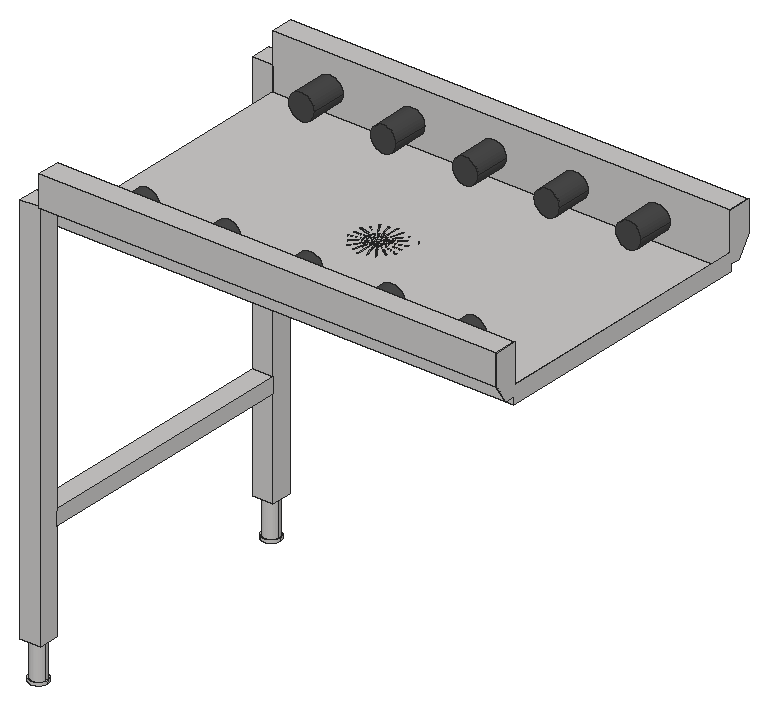
Revit family "QF_ELECTROLUXPROFESSIONAL_863141_HSSRC9", category Specialty Equipment, Revit 2018
Family settings
  Round Connector Dimension = Use Diameter
  Part Type = Normal
  Work Plane-Based = No
  Always vertical = Yes
  Cut with Voids When Loaded = No
  Shared = No
  Room Calculation Point = No
Parameters (values of type "QF_ELECTROLUX_863141_HSSRC9")
  Weight = 13.00 kg
  Watts = 0 W
  Volts = 0 V
  URL Manufacturer = "http://professional.electrolux.com"
  URL = "http://professional.electrolux.com"
  Steam Supply Size = 0 mm
  Steam Supply Minimum Pressure = 0.0 Pa
  Steam Supply Maximum Pressure = 0.0 Pa
  Steam Pounds per Hour = 0
  Refrigeration Suction Line Size = 0 mm
  Refrigeration Liquid Line Size = 0 mm
  Refrigerant Compressor Remote = yes
  Manufacturer = "Electrolux"
  Phase = 0
  Model = "HSSRC9"
  Length Actual = 900 mm  # constant formula
  Item Number = "863141"
  Hot Water Size = 0 mm
  Height Actual = 910 mm  # constant formula
  HP = "0 HP"
  Gas Size = 0 mm
  Gas KW = 0
  Gas Input Pressure = 0 W
  Description = "CONVEYOR, SHORT ROLLERS, 900 MM"
  Depth Actual = 620 mm  # constant formula
  Cycle = 0 Hz
  Condensate Return Size = 0 mm
  Compressed Air Volume = 0.0 L/s
  Compressed Air Size = 0 mm
  Compressed Air Pressure = 0.0 Pa
  Cold Water Size = 0 mm
  Accessory = yes
Values of the unnamed type that differ from the named types
  URL Manufacturer = ""
  Item Number = ""
  HP = ""
Reference planes
  plane 1 "Centro (Fronte/Retro)": y = 74.737
  plane 2: z = 0
  plane 3 "LEFT": x = -1038.761
  plane 4 "BACK": y = 384.737
  plane 5 "FRONT": y = -235.263
  plane 6: z = 910
  plane 7 "RIGHT": x = -138.761
  plane 8: x = -618.761
Forms (mm)
  Extrusion 1, solid, material "QF_Finishes_Stainless Steel"
    sketch origin (0, 74.737, 0) x (1, 0, 0) y (0, 0, 1)
      loop
        line (-1079.929, 300) -> (-1079.929, 270) -> (-1039.929, 270) -> (-1039.929, 300) -> (-1079.929, 300)
    from -266.504 to 266.46
  Extrusion 2, solid, material "QF_Finishes_Stainless Steel"
    sketch origin (111.239, 0, 0) x (0, 1, 0) y (0, 0, 1)
      loop
        line (-235.263, 910) -> (-235.263, 850.033) -> (-190.242, 850.033) -> (-190.242, 910) -> (-235.263, 910)
      loop
        line (384.737, 910) -> (339.716, 910) -> (339.716, 850.033) -> (384.737, 850.033) -> (384.737, 910)
    from -1151.168 to -251.2
  Extrusion 3, solid, material "QF_Finishes_Stainless Steel"
    sketch origin (111.239, 0, 0) x (0, 1, 0) y (0, 0, 1)
      loop
        line (-191.727, 850.033) -> (-191.727, 800.081) -> (341.245, 800.081) -> (341.245, 850.033) -> (339.716, 850.033) -> (339.716, 803.081) -> (-190.242, 803.081) -> (-190.242, 850.033) -> (-191.727, 850.033)
    from -1151.168 to -251.2
  Revolve 4, solid, material "QF_Finishes_Stainless Steel"
    sketch origin (-618.761, 0, 0) x (0, 1, 0) y (0, 0, 1)
      loop
        line (74.737, 800.081) -> (12.53, 800.081) -> (12.319, 797.4) -> (12.319, 785.476) -> (17.293, 785.476) -> (17.293, 781.772)
        arc (17.293, 781.772) -> (20.266, 773.808) -> (27.77, 769.813) r 11.998
        line (27.77, 769.813) -> (74.737, 764.085) -> (74.737, 800.081)
      axis (74.737, 764.085) -> (74.737, 800.081)
    angle from 0 to 360
  Revolve 5, solid, material "QF_Finishes_Stainless Steel"
    sketch origin (-588.761, -1524, 744.096) x (0, 0, 1) y (0, -1, 0)
      loop
        line (13.017, -1619.713) -> (30, -1619.713) -> (30, -1598.737) -> (0, -1598.737) -> (0, -1619.713) -> (2.434, -1622.253) -> (10.477, -1622.253) -> (13.017, -1619.713)
      axis (0, -1598.737) -> (30, -1598.737)
    angle from 0 to 360
  Extrusion 6, solid, material "QF_Finishes_Black"
    sketch origin (105, 74.737, 0) x (1, 0, 0) y (0, 0, -1)
      loop
        circle (-1028.137, -850.115) r 25
      loop
        circle (-867.137, -850.115) r 25
      loop
        circle (-706.137, -850.115) r 25
      loop
        circle (-545.137, -850.115) r 25
      loop
        circle (-384.137, -850.115) r 25
    from 190.58 to 260.534
  Extrusion 7, void
    sketch origin (-620.285, 74.899, -57.5) x (1, 0, 0) y (0, 1, 0)
      loop
        arc (-0.452, 24.162) -> (-1.193, 23.855) -> (-1.5, 23.114) r 1.048
        line (-1.5, 23.114) -> (-1.5, 10.174)
        arc (-1.5, 10.174) -> (-1.204, 9.458) -> (-0.488, 9.162) r 1.012
        line (-0.488, 9.162) -> (0.467, 9.162)
        arc (0.467, 9.162) -> (1.197, 9.465) -> (1.5, 10.196) r 1.033
        line (1.5, 10.196) -> (1.5, 23.164)
        arc (1.5, 23.164) -> (1.208, 23.87) -> (0.502, 24.162) r 0.998
        line (0.502, 24.162) -> (-0.452, 24.162)
      loop
        arc (-1.5, 28.981) -> (-1.204, 28.266) -> (-0.488, 27.97) r 1.012
        line (-0.488, 27.97) -> (0.467, 27.97)
        arc (0.467, 27.97) -> (1.197, 28.272) -> (1.5, 29.003) r 1.033
        line (1.5, 29.003) -> (1.5, 49.094)
        arc (1.5, 49.094) -> (1.208, 49.8) -> (0.502, 50.092) r 0.998
        line (0.502, 50.092) -> (-0.452, 50.092)
        arc (-0.452, 50.092) -> (-1.193, 49.785) -> (-1.5, 49.044) r 1.048
        line (-1.5, 49.044) -> (-1.5, 28.981)
    from 829.129 to 875
  Extrusion 8, void
    sketch origin (-620.285, 74.899, -57.5) x (0.809017, -0.587785, 0) y (0.587785, 0.809017, 0)
      loop
        arc (-0.452, 24.162) -> (-1.193, 23.855) -> (-1.5, 23.114) r 1.048
        line (-1.5, 23.114) -> (-1.5, 10.174)
        arc (-1.5, 10.174) -> (-1.204, 9.458) -> (-0.488, 9.162) r 1.012
        line (-0.488, 9.162) -> (0.467, 9.162)
        arc (0.467, 9.162) -> (1.197, 9.465) -> (1.5, 10.196) r 1.033
        line (1.5, 10.196) -> (1.5, 23.164)
        arc (1.5, 23.164) -> (1.208, 23.87) -> (0.502, 24.162) r 0.998
        line (0.502, 24.162) -> (-0.452, 24.162)
      loop
        arc (-1.5, 28.981) -> (-1.204, 28.266) -> (-0.488, 27.97) r 1.012
        line (-0.488, 27.97) -> (0.467, 27.97)
        arc (0.467, 27.97) -> (1.197, 28.272) -> (1.5, 29.003) r 1.033
        line (1.5, 29.003) -> (1.5, 49.094)
        arc (1.5, 49.094) -> (1.208, 49.8) -> (0.502, 50.092) r 0.998
        line (0.502, 50.092) -> (-0.452, 50.092)
        arc (-0.452, 50.092) -> (-1.193, 49.785) -> (-1.5, 49.044) r 1.048
        line (-1.5, 49.044) -> (-1.5, 28.981)
    from 829.129 to 875
  Extrusion 9, void
    sketch origin (-620.285, 74.899, -57.5) x (0.809017, 0.587785, 0) y (-0.587785, 0.809017, 0)
      loop
        arc (-0.452, 24.162) -> (-1.193, 23.855) -> (-1.5, 23.114) r 1.048
        line (-1.5, 23.114) -> (-1.5, 10.174)
        arc (-1.5, 10.174) -> (-1.204, 9.458) -> (-0.488, 9.162) r 1.012
        line (-0.488, 9.162) -> (0.467, 9.162)
        arc (0.467, 9.162) -> (1.197, 9.465) -> (1.5, 10.196) r 1.033
        line (1.5, 10.196) -> (1.5, 23.164)
        arc (1.5, 23.164) -> (1.208, 23.87) -> (0.502, 24.162) r 0.998
        line (0.502, 24.162) -> (-0.452, 24.162)
      loop
        arc (-1.5, 28.981) -> (-1.204, 28.266) -> (-0.488, 27.97) r 1.012
        line (-0.488, 27.97) -> (0.467, 27.97)
        arc (0.467, 27.97) -> (1.197, 28.272) -> (1.5, 29.003) r 1.033
        line (1.5, 29.003) -> (1.5, 49.094)
        arc (1.5, 49.094) -> (1.208, 49.8) -> (0.502, 50.092) r 0.998
        line (0.502, 50.092) -> (-0.452, 50.092)
        arc (-0.452, 50.092) -> (-1.193, 49.785) -> (-1.5, 49.044) r 1.048
        line (-1.5, 49.044) -> (-1.5, 28.981)
    from 829.129 to 875
  Extrusion 10, void
    sketch origin (-620.285, 74.899, -57.5) x (0.309017, 0.951057, 0) y (-0.951057, 0.309017, 0)
      loop
        arc (-0.452, 24.162) -> (-1.193, 23.855) -> (-1.5, 23.114) r 1.048
        line (-1.5, 23.114) -> (-1.5, 10.174)
        arc (-1.5, 10.174) -> (-1.204, 9.458) -> (-0.488, 9.162) r 1.012
        line (-0.488, 9.162) -> (0.467, 9.162)
        arc (0.467, 9.162) -> (1.197, 9.465) -> (1.5, 10.196) r 1.033
        line (1.5, 10.196) -> (1.5, 23.164)
        arc (1.5, 23.164) -> (1.208, 23.87) -> (0.502, 24.162) r 0.998
        line (0.502, 24.162) -> (-0.452, 24.162)
      loop
        arc (-1.5, 28.981) -> (-1.204, 28.266) -> (-0.488, 27.97) r 1.012
        line (-0.488, 27.97) -> (0.467, 27.97)
        arc (0.467, 27.97) -> (1.197, 28.272) -> (1.5, 29.003) r 1.033
        line (1.5, 29.003) -> (1.5, 49.094)
        arc (1.5, 49.094) -> (1.208, 49.8) -> (0.502, 50.092) r 0.998
        line (0.502, 50.092) -> (-0.452, 50.092)
        arc (-0.452, 50.092) -> (-1.193, 49.785) -> (-1.5, 49.044) r 1.048
        line (-1.5, 49.044) -> (-1.5, 28.981)
    from 829.129 to 875
  Extrusion 11, void
    sketch origin (-620.285, 74.899, -57.5) x (-0.309017, 0.951057, 0) y (-0.951057, -0.309017, 0)
      loop
        arc (-0.452, 24.162) -> (-1.193, 23.855) -> (-1.5, 23.114) r 1.048
        line (-1.5, 23.114) -> (-1.5, 10.174)
        arc (-1.5, 10.174) -> (-1.204, 9.458) -> (-0.488, 9.162) r 1.012
        line (-0.488, 9.162) -> (0.467, 9.162)
        arc (0.467, 9.162) -> (1.197, 9.465) -> (1.5, 10.196) r 1.033
        line (1.5, 10.196) -> (1.5, 23.164)
        arc (1.5, 23.164) -> (1.208, 23.87) -> (0.502, 24.162) r 0.998
        line (0.502, 24.162) -> (-0.452, 24.162)
      loop
        arc (-1.5, 28.981) -> (-1.204, 28.266) -> (-0.488, 27.97) r 1.012
        line (-0.488, 27.97) -> (0.467, 27.97)
        arc (0.467, 27.97) -> (1.197, 28.272) -> (1.5, 29.003) r 1.033
        line (1.5, 29.003) -> (1.5, 49.094)
        arc (1.5, 49.094) -> (1.208, 49.8) -> (0.502, 50.092) r 0.998
        line (0.502, 50.092) -> (-0.452, 50.092)
        arc (-0.452, 50.092) -> (-1.193, 49.785) -> (-1.5, 49.044) r 1.048
        line (-1.5, 49.044) -> (-1.5, 28.981)
    from 829.129 to 875
  Extrusion 12, void
    sketch origin (-620.285, 74.899, -57.5) x (-0.809017, 0.587785, 0) y (-0.587785, -0.809017, 0)
      loop
        arc (-0.452, 24.162) -> (-1.193, 23.855) -> (-1.5, 23.114) r 1.048
        line (-1.5, 23.114) -> (-1.5, 10.174)
        arc (-1.5, 10.174) -> (-1.204, 9.458) -> (-0.488, 9.162) r 1.012
        line (-0.488, 9.162) -> (0.467, 9.162)
        arc (0.467, 9.162) -> (1.197, 9.465) -> (1.5, 10.196) r 1.033
        line (1.5, 10.196) -> (1.5, 23.164)
        arc (1.5, 23.164) -> (1.208, 23.87) -> (0.502, 24.162) r 0.998
        line (0.502, 24.162) -> (-0.452, 24.162)
      loop
        arc (-1.5, 28.981) -> (-1.204, 28.266) -> (-0.488, 27.97) r 1.012
        line (-0.488, 27.97) -> (0.467, 27.97)
        arc (0.467, 27.97) -> (1.197, 28.272) -> (1.5, 29.003) r 1.033
        line (1.5, 29.003) -> (1.5, 49.094)
        arc (1.5, 49.094) -> (1.208, 49.8) -> (0.502, 50.092) r 0.998
        line (0.502, 50.092) -> (-0.452, 50.092)
        arc (-0.452, 50.092) -> (-1.193, 49.785) -> (-1.5, 49.044) r 1.048
        line (-1.5, 49.044) -> (-1.5, 28.981)
    from 829.129 to 875
  Extrusion 13, void
    sketch origin (-620.285, 74.899, -57.5) x (-1, 0, 0) y (0, -1, 0)
      loop
        arc (-0.452, 24.162) -> (-1.193, 23.855) -> (-1.5, 23.114) r 1.048
        line (-1.5, 23.114) -> (-1.5, 10.174)
        arc (-1.5, 10.174) -> (-1.204, 9.458) -> (-0.488, 9.162) r 1.012
        line (-0.488, 9.162) -> (0.467, 9.162)
        arc (0.467, 9.162) -> (1.197, 9.465) -> (1.5, 10.196) r 1.033
        line (1.5, 10.196) -> (1.5, 23.164)
        arc (1.5, 23.164) -> (1.208, 23.87) -> (0.502, 24.162) r 0.998
        line (0.502, 24.162) -> (-0.452, 24.162)
      loop
        arc (-1.5, 28.981) -> (-1.204, 28.266) -> (-0.488, 27.97) r 1.012
        line (-0.488, 27.97) -> (0.467, 27.97)
        arc (0.467, 27.97) -> (1.197, 28.272) -> (1.5, 29.003) r 1.033
        line (1.5, 29.003) -> (1.5, 49.094)
        arc (1.5, 49.094) -> (1.208, 49.8) -> (0.502, 50.092) r 0.998
        line (0.502, 50.092) -> (-0.452, 50.092)
        arc (-0.452, 50.092) -> (-1.193, 49.785) -> (-1.5, 49.044) r 1.048
        line (-1.5, 49.044) -> (-1.5, 28.981)
    from 829.129 to 875
  Extrusion 14, void
    sketch origin (-620.285, 74.899, -57.5) x (-0.809017, -0.587785, 0) y (0.587785, -0.809017, 0)
      loop
        arc (-0.452, 24.162) -> (-1.193, 23.855) -> (-1.5, 23.114) r 1.048
        line (-1.5, 23.114) -> (-1.5, 10.174)
        arc (-1.5, 10.174) -> (-1.204, 9.458) -> (-0.488, 9.162) r 1.012
        line (-0.488, 9.162) -> (0.467, 9.162)
        arc (0.467, 9.162) -> (1.197, 9.465) -> (1.5, 10.196) r 1.033
        line (1.5, 10.196) -> (1.5, 23.164)
        arc (1.5, 23.164) -> (1.208, 23.87) -> (0.502, 24.162) r 0.998
        line (0.502, 24.162) -> (-0.452, 24.162)
      loop
        arc (-1.5, 28.981) -> (-1.204, 28.266) -> (-0.488, 27.97) r 1.012
        line (-0.488, 27.97) -> (0.467, 27.97)
        arc (0.467, 27.97) -> (1.197, 28.272) -> (1.5, 29.003) r 1.033
        line (1.5, 29.003) -> (1.5, 49.094)
        arc (1.5, 49.094) -> (1.208, 49.8) -> (0.502, 50.092) r 0.998
        line (0.502, 50.092) -> (-0.452, 50.092)
        arc (-0.452, 50.092) -> (-1.193, 49.785) -> (-1.5, 49.044) r 1.048
        line (-1.5, 49.044) -> (-1.5, 28.981)
    from 829.129 to 875
  Extrusion 15, void
    sketch origin (-620.285, 74.899, -57.5) x (-0.309017, -0.951057, 0) y (0.951057, -0.309017, 0)
      loop
        arc (-0.452, 24.162) -> (-1.193, 23.855) -> (-1.5, 23.114) r 1.048
        line (-1.5, 23.114) -> (-1.5, 10.174)
        arc (-1.5, 10.174) -> (-1.204, 9.458) -> (-0.488, 9.162) r 1.012
        line (-0.488, 9.162) -> (0.467, 9.162)
        arc (0.467, 9.162) -> (1.197, 9.465) -> (1.5, 10.196) r 1.033
        line (1.5, 10.196) -> (1.5, 23.164)
        arc (1.5, 23.164) -> (1.208, 23.87) -> (0.502, 24.162) r 0.998
        line (0.502, 24.162) -> (-0.452, 24.162)
      loop
        arc (-1.5, 28.981) -> (-1.204, 28.266) -> (-0.488, 27.97) r 1.012
        line (-0.488, 27.97) -> (0.467, 27.97)
        arc (0.467, 27.97) -> (1.197, 28.272) -> (1.5, 29.003) r 1.033
        line (1.5, 29.003) -> (1.5, 49.094)
        arc (1.5, 49.094) -> (1.208, 49.8) -> (0.502, 50.092) r 0.998
        line (0.502, 50.092) -> (-0.452, 50.092)
        arc (-0.452, 50.092) -> (-1.193, 49.785) -> (-1.5, 49.044) r 1.048
        line (-1.5, 49.044) -> (-1.5, 28.981)
    from 829.129 to 875
  Extrusion 16, void
    sketch origin (-620.285, 74.899, -57.5) x (0.309017, -0.951057, 0) y (0.951057, 0.309017, 0)
      loop
        arc (-0.452, 24.162) -> (-1.193, 23.855) -> (-1.5, 23.114) r 1.048
        line (-1.5, 23.114) -> (-1.5, 10.174)
        arc (-1.5, 10.174) -> (-1.204, 9.458) -> (-0.488, 9.162) r 1.012
        line (-0.488, 9.162) -> (0.467, 9.162)
        arc (0.467, 9.162) -> (1.197, 9.465) -> (1.5, 10.196) r 1.033
        line (1.5, 10.196) -> (1.5, 23.164)
        arc (1.5, 23.164) -> (1.208, 23.87) -> (0.502, 24.162) r 0.998
        line (0.502, 24.162) -> (-0.452, 24.162)
      loop
        arc (-1.5, 28.981) -> (-1.204, 28.266) -> (-0.488, 27.97) r 1.012
        line (-0.488, 27.97) -> (0.467, 27.97)
        arc (0.467, 27.97) -> (1.197, 28.272) -> (1.5, 29.003) r 1.033
        line (1.5, 29.003) -> (1.5, 49.094)
        arc (1.5, 49.094) -> (1.208, 49.8) -> (0.502, 50.092) r 0.998
        line (0.502, 50.092) -> (-0.452, 50.092)
        arc (-0.452, 50.092) -> (-1.193, 49.785) -> (-1.5, 49.044) r 1.048
        line (-1.5, 49.044) -> (-1.5, 28.981)
    from 829.129 to 875
  Extrusion 17, void
    sketch origin (-990.285, 74.899, -57.5) x (1, 0, 0) y (0, 1, 0)
      loop
        circle (370, 0) r 5
    from 829.129 to 875
  Extrusion 18, void
    sketch origin (-620.285, 74.899, -57.5) x (1, 0, 0) y (0, 1, 0)
      loop
        arc (-24.168, 1.5) -> (-24.873, 1.208) -> (-25.165, 0.503) r 0.997
        line (-25.165, 0.503) -> (-25.165, -0.487)
        arc (-25.165, -0.487) -> (-24.868, -1.203) -> (-24.152, -1.5) r 1.013
        line (-24.152, -1.5) -> (-14.992, -1.5)
        arc (-14.992, -1.5) -> (-14.284, -1.207) -> (-13.992, -0.5) r 1
        line (-13.992, -0.5) -> (-13.992, 0.465)
        arc (-13.992, 0.465) -> (-14.295, 1.197) -> (-15.027, 1.5) r 1.035
        line (-15.027, 1.5) -> (-24.168, 1.5)
      loop
        arc (-45.428, 1.5) -> (-46.134, 1.208) -> (-46.426, 0.503) r 0.997
        line (-46.426, 0.503) -> (-46.426, -0.487)
        arc (-46.426, -0.487) -> (-46.129, -1.203) -> (-45.412, -1.5) r 1.013
        line (-45.412, -1.5) -> (-30.627, -1.5)
        arc (-30.627, -1.5) -> (-29.92, -1.207) -> (-29.627, -0.5) r 1
        line (-29.627, -0.5) -> (-29.627, 0.465)
        arc (-29.627, 0.465) -> (-29.93, 1.197) -> (-30.662, 1.5) r 1.035
        line (-30.662, 1.5) -> (-45.428, 1.5)
    from 829.129 to 875
  Extrusion 19, void
    sketch origin (-620.285, 74.899, -57.5) x (0.809017, -0.587785, 0) y (0.587785, 0.809017, 0)
      loop
        arc (-24.168, 1.5) -> (-24.873, 1.208) -> (-25.165, 0.503) r 0.997
        line (-25.165, 0.503) -> (-25.165, -0.487)
        arc (-25.165, -0.487) -> (-24.868, -1.203) -> (-24.152, -1.5) r 1.013
        line (-24.152, -1.5) -> (-14.992, -1.5)
        arc (-14.992, -1.5) -> (-14.284, -1.207) -> (-13.992, -0.5) r 1
        line (-13.992, -0.5) -> (-13.992, 0.465)
        arc (-13.992, 0.465) -> (-14.295, 1.197) -> (-15.027, 1.5) r 1.035
        line (-15.027, 1.5) -> (-24.168, 1.5)
      loop
        arc (-45.428, 1.5) -> (-46.134, 1.208) -> (-46.426, 0.503) r 0.997
        line (-46.426, 0.503) -> (-46.426, -0.487)
        arc (-46.426, -0.487) -> (-46.129, -1.203) -> (-45.412, -1.5) r 1.013
        line (-45.412, -1.5) -> (-30.627, -1.5)
        arc (-30.627, -1.5) -> (-29.92, -1.207) -> (-29.627, -0.5) r 1
        line (-29.627, -0.5) -> (-29.627, 0.465)
        arc (-29.627, 0.465) -> (-29.93, 1.197) -> (-30.662, 1.5) r 1.035
        line (-30.662, 1.5) -> (-45.428, 1.5)
    from 829.129 to 875
  Extrusion 20, void
    sketch origin (-620.285, 74.899, -57.5) x (0.809017, 0.587785, 0) y (-0.587785, 0.809017, 0)
      loop
        arc (-24.168, 1.5) -> (-24.873, 1.208) -> (-25.165, 0.503) r 0.997
        line (-25.165, 0.503) -> (-25.165, -0.487)
        arc (-25.165, -0.487) -> (-24.868, -1.203) -> (-24.152, -1.5) r 1.013
        line (-24.152, -1.5) -> (-14.992, -1.5)
        arc (-14.992, -1.5) -> (-14.284, -1.207) -> (-13.992, -0.5) r 1
        line (-13.992, -0.5) -> (-13.992, 0.465)
        arc (-13.992, 0.465) -> (-14.295, 1.197) -> (-15.027, 1.5) r 1.035
        line (-15.027, 1.5) -> (-24.168, 1.5)
      loop
        arc (-45.428, 1.5) -> (-46.134, 1.208) -> (-46.426, 0.503) r 0.997
        line (-46.426, 0.503) -> (-46.426, -0.487)
        arc (-46.426, -0.487) -> (-46.129, -1.203) -> (-45.412, -1.5) r 1.013
        line (-45.412, -1.5) -> (-30.627, -1.5)
        arc (-30.627, -1.5) -> (-29.92, -1.207) -> (-29.627, -0.5) r 1
        line (-29.627, -0.5) -> (-29.627, 0.465)
        arc (-29.627, 0.465) -> (-29.93, 1.197) -> (-30.662, 1.5) r 1.035
        line (-30.662, 1.5) -> (-45.428, 1.5)
    from 829.129 to 875
  Extrusion 21, void
    sketch origin (-620.285, 74.899, -57.5) x (0.309017, 0.951057, 0) y (-0.951057, 0.309017, 0)
      loop
        arc (-24.168, 1.5) -> (-24.873, 1.208) -> (-25.165, 0.503) r 0.997
        line (-25.165, 0.503) -> (-25.165, -0.487)
        arc (-25.165, -0.487) -> (-24.868, -1.203) -> (-24.152, -1.5) r 1.013
        line (-24.152, -1.5) -> (-14.992, -1.5)
        arc (-14.992, -1.5) -> (-14.284, -1.207) -> (-13.992, -0.5) r 1
        line (-13.992, -0.5) -> (-13.992, 0.465)
        arc (-13.992, 0.465) -> (-14.295, 1.197) -> (-15.027, 1.5) r 1.035
        line (-15.027, 1.5) -> (-24.168, 1.5)
      loop
        arc (-45.428, 1.5) -> (-46.134, 1.208) -> (-46.426, 0.503) r 0.997
        line (-46.426, 0.503) -> (-46.426, -0.487)
        arc (-46.426, -0.487) -> (-46.129, -1.203) -> (-45.412, -1.5) r 1.013
        line (-45.412, -1.5) -> (-30.627, -1.5)
        arc (-30.627, -1.5) -> (-29.92, -1.207) -> (-29.627, -0.5) r 1
        line (-29.627, -0.5) -> (-29.627, 0.465)
        arc (-29.627, 0.465) -> (-29.93, 1.197) -> (-30.662, 1.5) r 1.035
        line (-30.662, 1.5) -> (-45.428, 1.5)
    from 829.129 to 875
  Extrusion 22, void
    sketch origin (-620.285, 74.899, -57.5) x (-0.309017, 0.951057, 0) y (-0.951057, -0.309017, 0)
      loop
        arc (-24.168, 1.5) -> (-24.873, 1.208) -> (-25.165, 0.503) r 0.997
        line (-25.165, 0.503) -> (-25.165, -0.487)
        arc (-25.165, -0.487) -> (-24.868, -1.203) -> (-24.152, -1.5) r 1.013
        line (-24.152, -1.5) -> (-14.992, -1.5)
        arc (-14.992, -1.5) -> (-14.284, -1.207) -> (-13.992, -0.5) r 1
        line (-13.992, -0.5) -> (-13.992, 0.465)
        arc (-13.992, 0.465) -> (-14.295, 1.197) -> (-15.027, 1.5) r 1.035
        line (-15.027, 1.5) -> (-24.168, 1.5)
      loop
        arc (-45.428, 1.5) -> (-46.134, 1.208) -> (-46.426, 0.503) r 0.997
        line (-46.426, 0.503) -> (-46.426, -0.487)
        arc (-46.426, -0.487) -> (-46.129, -1.203) -> (-45.412, -1.5) r 1.013
        line (-45.412, -1.5) -> (-30.627, -1.5)
        arc (-30.627, -1.5) -> (-29.92, -1.207) -> (-29.627, -0.5) r 1
        line (-29.627, -0.5) -> (-29.627, 0.465)
        arc (-29.627, 0.465) -> (-29.93, 1.197) -> (-30.662, 1.5) r 1.035
        line (-30.662, 1.5) -> (-45.428, 1.5)
    from 829.129 to 875
  Extrusion 23, void
    sketch origin (-620.285, 74.899, -57.5) x (-0.809017, 0.587785, 0) y (-0.587785, -0.809017, 0)
      loop
        arc (-24.168, 1.5) -> (-24.873, 1.208) -> (-25.165, 0.503) r 0.997
        line (-25.165, 0.503) -> (-25.165, -0.487)
        arc (-25.165, -0.487) -> (-24.868, -1.203) -> (-24.152, -1.5) r 1.013
        line (-24.152, -1.5) -> (-14.992, -1.5)
        arc (-14.992, -1.5) -> (-14.284, -1.207) -> (-13.992, -0.5) r 1
        line (-13.992, -0.5) -> (-13.992, 0.465)
        arc (-13.992, 0.465) -> (-14.295, 1.197) -> (-15.027, 1.5) r 1.035
        line (-15.027, 1.5) -> (-24.168, 1.5)
      loop
        arc (-45.428, 1.5) -> (-46.134, 1.208) -> (-46.426, 0.503) r 0.997
        line (-46.426, 0.503) -> (-46.426, -0.487)
        arc (-46.426, -0.487) -> (-46.129, -1.203) -> (-45.412, -1.5) r 1.013
        line (-45.412, -1.5) -> (-30.627, -1.5)
        arc (-30.627, -1.5) -> (-29.92, -1.207) -> (-29.627, -0.5) r 1
        line (-29.627, -0.5) -> (-29.627, 0.465)
        arc (-29.627, 0.465) -> (-29.93, 1.197) -> (-30.662, 1.5) r 1.035
        line (-30.662, 1.5) -> (-45.428, 1.5)
    from 829.129 to 875
  Extrusion 24, void
    sketch origin (-620.285, 74.899, -57.5) x (-1, 0, 0) y (0, -1, 0)
      loop
        arc (-24.168, 1.5) -> (-24.873, 1.208) -> (-25.165, 0.503) r 0.997
        line (-25.165, 0.503) -> (-25.165, -0.487)
        arc (-25.165, -0.487) -> (-24.868, -1.203) -> (-24.152, -1.5) r 1.013
        line (-24.152, -1.5) -> (-14.992, -1.5)
        arc (-14.992, -1.5) -> (-14.284, -1.207) -> (-13.992, -0.5) r 1
        line (-13.992, -0.5) -> (-13.992, 0.465)
        arc (-13.992, 0.465) -> (-14.295, 1.197) -> (-15.027, 1.5) r 1.035
        line (-15.027, 1.5) -> (-24.168, 1.5)
      loop
        arc (-45.428, 1.5) -> (-46.134, 1.208) -> (-46.426, 0.503) r 0.997
        line (-46.426, 0.503) -> (-46.426, -0.487)
        arc (-46.426, -0.487) -> (-46.129, -1.203) -> (-45.412, -1.5) r 1.013
        line (-45.412, -1.5) -> (-30.627, -1.5)
        arc (-30.627, -1.5) -> (-29.92, -1.207) -> (-29.627, -0.5) r 1
        line (-29.627, -0.5) -> (-29.627, 0.465)
        arc (-29.627, 0.465) -> (-29.93, 1.197) -> (-30.662, 1.5) r 1.035
        line (-30.662, 1.5) -> (-45.428, 1.5)
    from 829.129 to 875
  Extrusion 25, void
    sketch origin (-620.285, 74.899, -57.5) x (-0.809017, -0.587785, 0) y (0.587785, -0.809017, 0)
      loop
        arc (-24.168, 1.5) -> (-24.873, 1.208) -> (-25.165, 0.503) r 0.997
        line (-25.165, 0.503) -> (-25.165, -0.487)
        arc (-25.165, -0.487) -> (-24.868, -1.203) -> (-24.152, -1.5) r 1.013
        line (-24.152, -1.5) -> (-14.992, -1.5)
        arc (-14.992, -1.5) -> (-14.284, -1.207) -> (-13.992, -0.5) r 1
        line (-13.992, -0.5) -> (-13.992, 0.465)
        arc (-13.992, 0.465) -> (-14.295, 1.197) -> (-15.027, 1.5) r 1.035
        line (-15.027, 1.5) -> (-24.168, 1.5)
      loop
        arc (-45.428, 1.5) -> (-46.134, 1.208) -> (-46.426, 0.503) r 0.997
        line (-46.426, 0.503) -> (-46.426, -0.487)
        arc (-46.426, -0.487) -> (-46.129, -1.203) -> (-45.412, -1.5) r 1.013
        line (-45.412, -1.5) -> (-30.627, -1.5)
        arc (-30.627, -1.5) -> (-29.92, -1.207) -> (-29.627, -0.5) r 1
        line (-29.627, -0.5) -> (-29.627, 0.465)
        arc (-29.627, 0.465) -> (-29.93, 1.197) -> (-30.662, 1.5) r 1.035
        line (-30.662, 1.5) -> (-45.428, 1.5)
    from 829.129 to 875
  Extrusion 26, void
    sketch origin (-620.285, 74.899, -57.5) x (-0.309017, -0.951057, 0) y (0.951057, -0.309017, 0)
      loop
        arc (-24.168, 1.5) -> (-24.873, 1.208) -> (-25.165, 0.503) r 0.997
        line (-25.165, 0.503) -> (-25.165, -0.487)
        arc (-25.165, -0.487) -> (-24.868, -1.203) -> (-24.152, -1.5) r 1.013
        line (-24.152, -1.5) -> (-14.992, -1.5)
        arc (-14.992, -1.5) -> (-14.284, -1.207) -> (-13.992, -0.5) r 1
        line (-13.992, -0.5) -> (-13.992, 0.465)
        arc (-13.992, 0.465) -> (-14.295, 1.197) -> (-15.027, 1.5) r 1.035
        line (-15.027, 1.5) -> (-24.168, 1.5)
      loop
        arc (-45.428, 1.5) -> (-46.134, 1.208) -> (-46.426, 0.503) r 0.997
        line (-46.426, 0.503) -> (-46.426, -0.487)
        arc (-46.426, -0.487) -> (-46.129, -1.203) -> (-45.412, -1.5) r 1.013
        line (-45.412, -1.5) -> (-30.627, -1.5)
        arc (-30.627, -1.5) -> (-29.92, -1.207) -> (-29.627, -0.5) r 1
        line (-29.627, -0.5) -> (-29.627, 0.465)
        arc (-29.627, 0.465) -> (-29.93, 1.197) -> (-30.662, 1.5) r 1.035
        line (-30.662, 1.5) -> (-45.428, 1.5)
    from 829.129 to 875
  Extrusion 27, void
    sketch origin (-620.285, 74.899, -57.5) x (0.309017, -0.951057, 0) y (0.951057, 0.309017, 0)
      loop
        arc (-24.168, 1.5) -> (-24.873, 1.208) -> (-25.165, 0.503) r 0.997
        line (-25.165, 0.503) -> (-25.165, -0.487)
        arc (-25.165, -0.487) -> (-24.868, -1.203) -> (-24.152, -1.5) r 1.013
        line (-24.152, -1.5) -> (-14.992, -1.5)
        arc (-14.992, -1.5) -> (-14.284, -1.207) -> (-13.992, -0.5) r 1
        line (-13.992, -0.5) -> (-13.992, 0.465)
        arc (-13.992, 0.465) -> (-14.295, 1.197) -> (-15.027, 1.5) r 1.035
        line (-15.027, 1.5) -> (-24.168, 1.5)
      loop
        arc (-45.428, 1.5) -> (-46.134, 1.208) -> (-46.426, 0.503) r 0.997
        line (-46.426, 0.503) -> (-46.426, -0.487)
        arc (-46.426, -0.487) -> (-46.129, -1.203) -> (-45.412, -1.5) r 1.013
        line (-45.412, -1.5) -> (-30.627, -1.5)
        arc (-30.627, -1.5) -> (-29.92, -1.207) -> (-29.627, -0.5) r 1
        line (-29.627, -0.5) -> (-29.627, 0.465)
        arc (-29.627, 0.465) -> (-29.93, 1.197) -> (-30.662, 1.5) r 1.035
        line (-30.662, 1.5) -> (-45.428, 1.5)
    from 829.129 to 875
  Extrusion 28, solid, material "QF_Finishes_Stainless Steel"
    sketch origin (1361.239, 723.253, 4000) x (0, 1, 0) y (0, 0, 1)
      loop
        line (-958.516, -3090) -> (-958.516, -3149.967) -> (-934.752, -3185.632) -> (-915.4, -3185.632) -> (-915.4, -3199.919) -> (-381.633, -3199.919) -> (-381.633, -3185.632) -> (-362.281, -3185.632) -> (-338.516, -3149.967) -> (-338.516, -3090) -> (-383.538, -3090) -> (-383.538, -3165.411) -> (-913.495, -3165.411) -> (-913.495, -3090) -> (-958.516, -3090)
    from -1500 to -1501.2
  Extrusion 29, solid, material "QF_Finishes_Black"
    sketch origin (105, 74.737, 0) x (1, 0, 0) y (0, 0, 1)
      loop
        circle (-1028.137, 850.115) r 25
      loop
        circle (-867.137, 850.115) r 25
      loop
        circle (-706.137, 850.115) r 25
      loop
        circle (-545.137, 850.115) r 25
      loop
        circle (-384.137, 850.115) r 25
    from 190.58 to 260.534
Cuts and joins
  Extrusion 7, Extrusion 8, Extrusion 9, Extrusion 10, Extrusion 11, Extrusion 12, Extrusion 13, Extrusion 14, Extrusion 15, Extrusion 16, Extrusion 17, Extrusion 18, Extrusion 19, Extrusion 20, Extrusion 21, Extrusion 22, Extrusion 23, Extrusion 24, Extrusion 25, Extrusion 26, Extrusion 27 cuts Extrusion 3
  joined: Extrusion 2, Extrusion 3, Revolve 4, Revolve 5
Lines and regions (mm)
  symbolic lines
    curve 1: line (-138.761, 384.737, 0) -> (-1038.761, 384.737, 0)
    curve 2: line (-1038.761, 384.737, 0) -> (-1038.761, -235.263, 0)
    curve 3: line (-1038.761, 339.716, 0) -> (-138.761, 339.716, 0)
    curve 4: line (-1038.761, -235.263, 0) -> (-138.761, -235.263, 0)
    curve 5: line (-138.761, -235.263, 0) -> (-138.761, 384.737, 0)
    curve 6: line (-138.761, -190.242, 0) -> (-1038.761, -190.242, 0)
    curve 7: line (-138.761, 74.737, 0) -> (-168.761, 74.737, 0)
    curve 8: line (-1038.761, 74.737, 0) -> (-1008.761, 74.737, 0)
    curve 9: arc (-618.761, 12.319, 0) -> (-681.179, 74.737, 0) -> (-618.761, 137.156, 0) r 62.418
    curve 10: arc (-618.761, 137.156, 0) -> (-556.342, 74.737, 0) -> (-618.761, 12.319, 0) r 62.418
    curve 11: arc (-588.761, 95.713, 0) -> (-609.737, 74.737, 0) -> (-588.761, 53.761, 0) r 20.976
    curve 12: arc (-588.761, 53.761, 0) -> (-567.785, 74.737, 0) -> (-588.761, 95.713, 0) r 20.976
    curve 13: line (-898.423, 265.317, 0) -> (-948.423, 265.317, 0)
    curve 14: line (-948.423, 265.317, 0) -> (-948.423, 335.271, 0)
    curve 15: line (-948.423, 335.271, 0) -> (-898.423, 335.271, 0)
    curve 16: line (-898.423, 335.271, 0) -> (-898.423, 265.317, 0)
    curve 17: line (-787.137, 265.317, 0) -> (-737.137, 265.317, 0)
    curve 18: line (-737.137, 265.317, 0) -> (-737.137, 335.271, 0)
    curve 19: line (-737.137, 335.271, 0) -> (-787.137, 335.271, 0)
    curve 20: line (-787.137, 335.271, 0) -> (-787.137, 265.317, 0)
    curve 21: line (-638.533, 97.463, 0) -> (-650.326, 113.695, 0)
    curve 22: arc (-650.326, 113.695, 0) -> (-650.513, 114.475, 0) -> (-650.094, 115.159, 0) r 1.048
    curve 23: line (-650.094, 115.159, 0) -> (-649.322, 115.719, 0)
    curve 24: arc (-649.322, 115.719, 0) -> (-648.579, 115.898, 0) -> (-647.928, 115.499, 0) r 0.998
    curve 25: line (-647.928, 115.499, 0) -> (-636.119, 99.244, 0)
    curve 26: arc (-636.119, 99.244, 0) -> (-635.934, 98.475, 0) -> (-636.347, 97.801, 0) r 1.033
    curve 27: line (-636.347, 97.801, 0) -> (-637.12, 97.24, 0)
    curve 28: arc (-637.12, 97.24, 0) -> (-637.873, 97.059, 0) -> (-638.533, 97.463, 0) r 1.012
    curve 29: line (-631.176, 103.564, 0) -> (-635.744, 117.625, 0)
    curve 30: arc (-635.744, 117.625, 0) -> (-635.684, 118.398, 0) -> (-635.094, 118.902, 0) r 1.013
    curve 31: line (-635.094, 118.902, 0) -> (-634.153, 119.208, 0)
    curve 32: arc (-634.153, 119.208, 0) -> (-633.392, 119.148, 0) -> (-632.896, 118.567, 0) r 0.997
    curve 33: line (-632.896, 118.567, 0) -> (-628.333, 104.524, 0)
    curve 34: arc (-628.333, 104.524, 0) -> (-628.395, 103.734, 0) -> (-628.998, 103.22, 0) r 1.035
    curve 35: line (-628.998, 103.22, 0) -> (-629.915, 102.921, 0)
    curve 36: arc (-629.915, 102.921, 0) -> (-630.678, 102.982, 0) -> (-631.176, 103.564, 0) r 1
    curve 37: line (-621.785, 103.88, 0) -> (-621.785, 123.943, 0)
    curve 38: arc (-621.785, 123.943, 0) -> (-621.478, 124.684, 0) -> (-620.737, 124.991, 0) r 1.048
    curve 39: line (-620.737, 124.991, 0) -> (-619.783, 124.991, 0)
    curve 40: arc (-619.783, 124.991, 0) -> (-619.077, 124.699, 0) -> (-618.785, 123.993, 0) r 0.998
    curve 41: line (-618.785, 123.993, 0) -> (-618.785, 103.902, 0)
    curve 42: arc (-618.785, 103.902, 0) -> (-619.087, 103.171, 0) -> (-619.818, 102.869, 0) r 1.033
    curve 43: line (-619.818, 102.869, 0) -> (-620.773, 102.869, 0)
    curve 44: arc (-620.773, 102.869, 0) -> (-621.488, 103.165, 0) -> (-621.785, 103.88, 0) r 1.012
    curve 45: line (-612.247, 104.491, 0) -> (-607.678, 118.552, 0)
    curve 46: arc (-607.678, 118.552, 0) -> (-607.174, 119.142, 0) -> (-606.401, 119.203, 0) r 1.013
    curve 47: line (-606.401, 119.203, 0) -> (-605.46, 118.897, 0)
    curve 48: arc (-605.46, 118.897, 0) -> (-604.88, 118.401, 0) -> (-604.82, 117.64, 0) r 0.997
    curve 49: line (-604.82, 117.64, 0) -> (-609.383, 103.597, 0)
    curve 50: arc (-609.383, 103.597, 0) -> (-609.897, 102.995, 0) -> (-610.687, 102.932, 0) r 1.035
    curve 51: line (-610.687, 102.932, 0) -> (-611.605, 103.23, 0)
    curve 52: arc (-611.605, 103.23, 0) -> (-612.187, 103.728, 0) -> (-612.247, 104.491, 0) r 1
    curve 53: line (-604.463, 99.227, 0) -> (-592.671, 115.458, 0)
    curve 54: arc (-592.671, 115.458, 0) -> (-591.987, 115.877, 0) -> (-591.207, 115.69, 0) r 1.048
    curve 55: line (-591.207, 115.69, 0) -> (-590.435, 115.129, 0)
    curve 56: arc (-590.435, 115.129, 0) -> (-590.036, 114.478, 0) -> (-590.214, 113.735, 0) r 0.998
    curve 57: line (-590.214, 113.735, 0) -> (-602.024, 97.481, 0)
    curve 58: arc (-602.024, 97.481, 0) -> (-602.698, 97.068, 0) -> (-603.467, 97.252, 0) r 1.033
    curve 59: line (-603.467, 97.252, 0) -> (-604.24, 97.814, 0)
    curve 60: arc (-604.24, 97.814, 0) -> (-604.644, 98.474, 0) -> (-604.463, 99.227, 0) r 1.012
    curve 61: line (-596.388, 94.115, 0) -> (-584.427, 102.805, 0)
    curve 62: arc (-584.427, 102.805, 0) -> (-583.673, 102.986, 0) -> (-583.011, 102.581, 0) r 1.013
    curve 63: line (-583.011, 102.581, 0) -> (-582.43, 101.781, 0)
    curve 64: arc (-582.43, 101.781, 0) -> (-582.252, 101.038, 0) -> (-582.651, 100.387, 0) r 0.997
    curve 65: line (-582.651, 100.387, 0) -> (-594.597, 91.708, 0)
    curve 66: arc (-594.597, 91.708, 0) -> (-595.367, 91.523, 0) -> (-596.043, 91.937, 0) r 1.035
    curve 67: line (-596.043, 91.937, 0) -> (-596.61, 92.718, 0)
    curve 68: arc (-596.61, 92.718, 0) -> (-596.788, 93.462, 0) -> (-596.388, 94.115, 0) r 1
    curve 69: line (-593.185, 85.281, 0) -> (-574.105, 91.481, 0)
    curve 70: arc (-574.105, 91.481, 0) -> (-573.305, 91.418, 0) -> (-572.784, 90.808, 0) r 1.048
    curve 71: line (-572.784, 90.808, 0) -> (-572.489, 89.901, 0)
    curve 72: arc (-572.489, 89.901, 0) -> (-572.549, 89.139, 0) -> (-573.13, 88.643, 0) r 0.998
    curve 73: line (-573.13, 88.643, 0) -> (-592.238, 82.435, 0)
    curve 74: arc (-592.238, 82.435, 0) -> (-593.026, 82.497, 0) -> (-593.54, 83.098, 0) r 1.033
    curve 75: line (-593.54, 83.098, 0) -> (-593.835, 84.007, 0)
    curve 76: arc (-593.835, 84.007, 0) -> (-593.774, 84.778, 0) -> (-593.185, 85.281, 0) r 1.012
    curve 77: line (-589.658, 76.399, 0) -> (-574.872, 76.399, 0)
    curve 78: arc (-574.872, 76.399, 0) -> (-574.156, 76.102, 0) -> (-573.859, 75.386, 0) r 1.013
    curve 79: line (-573.859, 75.386, 0) -> (-573.859, 74.396, 0)
    curve 80: arc (-573.859, 74.396, 0) -> (-574.151, 73.691, 0) -> (-574.856, 73.399, 0) r 0.997
    curve 81: line (-574.856, 73.399, 0) -> (-589.622, 73.399, 0)
    curve 82: arc (-589.622, 73.399, 0) -> (-590.354, 73.702, 0) -> (-590.658, 74.434, 0) r 1.035
    curve 83: line (-590.658, 74.434, 0) -> (-590.658, 75.399, 0)
    curve 84: arc (-590.658, 75.399, 0) -> (-590.365, 76.106, 0) -> (-589.658, 76.399, 0) r 1
    curve 85: line (-592.258, 67.37, 0) -> (-573.178, 61.17, 0)
    curve 86: arc (-573.178, 61.17, 0) -> (-572.568, 60.649, 0) -> (-572.505, 59.849, 0) r 1.048
    curve 87: line (-572.505, 59.849, 0) -> (-572.799, 58.942, 0)
    curve 88: arc (-572.799, 58.942, 0) -> (-573.295, 58.361, 0) -> (-574.057, 58.301, 0) r 0.998
    curve 89: line (-574.057, 58.301, 0) -> (-593.165, 64.51, 0)
    curve 90: arc (-593.165, 64.51, 0) -> (-593.766, 65.024, 0) -> (-593.828, 65.812, 0) r 1.033
    curve 91: line (-593.828, 65.812, 0) -> (-593.533, 66.72, 0)
    curve 92: arc (-593.533, 66.72, 0) -> (-593.03, 67.309, 0) -> (-592.258, 67.37, 0) r 1.012
    curve 93: line (-594.625, 58.11, 0) -> (-582.664, 49.42, 0)
    curve 94: arc (-582.664, 49.42, 0) -> (-582.258, 48.758, 0) -> (-582.439, 48.004, 0) r 1.013
    curve 95: line (-582.439, 48.004, 0) -> (-583.021, 47.204, 0)
    curve 96: arc (-583.021, 47.204, 0) -> (-583.672, 46.805, 0) -> (-584.414, 46.983, 0) r 0.997
    curve 97: line (-584.414, 46.983, 0) -> (-596.36, 55.662, 0)
    curve 98: arc (-596.36, 55.662, 0) -> (-596.774, 56.338, 0) -> (-596.589, 57.108, 0) r 1.035
    curve 99: line (-596.589, 57.108, 0) -> (-596.022, 57.889, 0)
    curve 100: arc (-596.022, 57.889, 0) -> (-595.369, 58.289, 0) -> (-594.625, 58.11, 0) r 1
    curve 101: line (-602.036, 52.334, 0) -> (-590.244, 36.103, 0)
    curve 102: arc (-590.244, 36.103, 0) -> (-590.057, 35.323, 0) -> (-590.476, 34.639, 0) r 1.048
    curve 103: line (-590.476, 34.639, 0) -> (-591.247, 34.078, 0)
    curve 104: arc (-591.247, 34.078, 0) -> (-591.99, 33.9, 0) -> (-592.641, 34.299, 0) r 0.998
    curve 105: line (-592.641, 34.299, 0) -> (-604.451, 50.553, 0)
    curve 106: arc (-604.451, 50.553, 0) -> (-604.635, 51.322, 0) -> (-604.222, 51.997, 0) r 1.033
    curve 107: line (-604.222, 51.997, 0) -> (-603.449, 52.558, 0)
    curve 108: arc (-603.449, 52.558, 0) -> (-602.697, 52.739, 0) -> (-602.036, 52.334, 0) r 1.012
    curve 109: line (-609.394, 46.234, 0) -> (-604.825, 32.173, 0)
    curve 110: arc (-604.825, 32.173, 0) -> (-604.886, 31.399, 0) -> (-605.476, 30.896, 0) r 1.013
    curve 111: line (-605.476, 30.896, 0) -> (-606.416, 30.59, 0)
    curve 112: arc (-606.416, 30.59, 0) -> (-607.177, 30.65, 0) -> (-607.673, 31.23, 0) r 0.997
    curve 113: line (-607.673, 31.23, 0) -> (-612.236, 45.274, 0)
    curve 114: arc (-612.236, 45.274, 0) -> (-612.174, 46.064, 0) -> (-611.571, 46.578, 0) r 1.035
    curve 115: line (-611.571, 46.578, 0) -> (-610.654, 46.876, 0)
    curve 116: arc (-610.654, 46.876, 0) -> (-609.891, 46.816, 0) -> (-609.394, 46.234, 0) r 1
    curve 117: line (-618.785, 45.918, 0) -> (-618.785, 25.855, 0)
    curve 118: arc (-618.785, 25.855, 0) -> (-619.092, 25.114, 0) -> (-619.833, 24.807, 0) r 1.048
    curve 119: line (-619.833, 24.807, 0) -> (-620.787, 24.807, 0)
    curve 120: arc (-620.787, 24.807, 0) -> (-621.492, 25.099, 0) -> (-621.785, 25.805, 0) r 0.998
    curve 121: line (-621.785, 25.805, 0) -> (-621.785, 45.896, 0)
    curve 122: arc (-621.785, 45.896, 0) -> (-621.482, 46.627, 0) -> (-620.751, 46.929, 0) r 1.033
    curve 123: line (-620.751, 46.929, 0) -> (-619.796, 46.929, 0)
    curve 124: arc (-619.796, 46.929, 0) -> (-619.081, 46.633, 0) -> (-618.785, 45.918, 0) r 1.012
    curve 125: line (-628.322, 45.307, 0) -> (-632.891, 31.246, 0)
    curve 126: arc (-632.891, 31.246, 0) -> (-633.395, 30.656, 0) -> (-634.168, 30.595, 0) r 1.013
    curve 127: line (-634.168, 30.595, 0) -> (-635.109, 30.901, 0)
    curve 128: arc (-635.109, 30.901, 0) -> (-635.69, 31.396, 0) -> (-635.749, 32.157, 0) r 0.997
    curve 129: line (-635.749, 32.157, 0) -> (-631.186, 46.201, 0)
    curve 130: arc (-631.186, 46.201, 0) -> (-630.672, 46.803, 0) -> (-629.882, 46.865, 0) r 1.035
    curve 131: line (-629.882, 46.865, 0) -> (-628.964, 46.567, 0)
    curve 132: arc (-628.964, 46.567, 0) -> (-628.382, 46.07, 0) -> (-628.322, 45.307, 0) r 1
    curve 133: line (-636.106, 50.571, 0) -> (-647.898, 34.34, 0)
    curve 134: arc (-647.898, 34.34, 0) -> (-648.582, 33.921, 0) -> (-649.362, 34.108, 0) r 1.048
    curve 135: line (-649.362, 34.108, 0) -> (-650.134, 34.669, 0)
    curve 136: arc (-650.134, 34.669, 0) -> (-650.533, 35.32, 0) -> (-650.355, 36.063, 0) r 0.998
    curve 137: line (-650.355, 36.063, 0) -> (-638.546, 52.317, 0)
    curve 138: arc (-638.546, 52.317, 0) -> (-637.871, 52.73, 0) -> (-637.102, 52.545, 0) r 1.033
    curve 139: line (-637.102, 52.545, 0) -> (-636.33, 51.984, 0)
    curve 140: arc (-636.33, 51.984, 0) -> (-635.925, 51.324, 0) -> (-636.106, 50.571, 0) r 1.012
    curve 141: line (-644.181, 55.683, 0) -> (-656.142, 46.993, 0)
    curve 142: arc (-656.142, 46.993, 0) -> (-656.897, 46.812, 0) -> (-657.558, 47.217, 0) r 1.013
    curve 143: line (-657.558, 47.217, 0) -> (-658.139, 48.017, 0)
    curve 144: arc (-658.139, 48.017, 0) -> (-658.318, 48.759, 0) -> (-657.919, 49.41, 0) r 0.997
    curve 145: line (-657.919, 49.41, 0) -> (-645.973, 58.09, 0)
    curve 146: arc (-645.973, 58.09, 0) -> (-645.202, 58.274, 0) -> (-644.527, 57.86, 0) r 1.035
    curve 147: line (-644.527, 57.86, 0) -> (-643.96, 57.08, 0)
    curve 148: arc (-643.96, 57.08, 0) -> (-643.781, 56.336, 0) -> (-644.181, 55.683, 0) r 1
    curve 149: line (-647.384, 64.517, 0) -> (-666.465, 58.317, 0)
    curve 150: arc (-666.465, 58.317, 0) -> (-667.264, 58.38, 0) -> (-667.785, 58.99, 0) r 1.048
    curve 151: line (-667.785, 58.99, 0) -> (-668.08, 59.897, 0)
    curve 152: arc (-668.08, 59.897, 0) -> (-668.02, 60.658, 0) -> (-667.44, 61.155, 0) r 0.998
    curve 153: line (-667.44, 61.155, 0) -> (-648.332, 67.363, 0)
    curve 154: arc (-648.332, 67.363, 0) -> (-647.543, 67.301, 0) -> (-647.03, 66.7, 0) r 1.033
    curve 155: line (-647.03, 66.7, 0) -> (-646.734, 65.791, 0)
    curve 156: arc (-646.734, 65.791, 0) -> (-646.795, 65.019, 0) -> (-647.384, 64.517, 0) r 1.012
    curve 157: line (-650.912, 73.399, 0) -> (-665.697, 73.399, 0)
    curve 158: arc (-665.697, 73.399, 0) -> (-666.414, 73.696, 0) -> (-666.71, 74.412, 0) r 1.013
    curve 159: line (-666.71, 74.412, 0) -> (-666.71, 75.402, 0)
    curve 160: arc (-666.71, 75.402, 0) -> (-666.418, 76.107, 0) -> (-665.713, 76.399, 0) r 0.997
    curve 161: line (-665.713, 76.399, 0) -> (-650.947, 76.399, 0)
    curve 162: arc (-650.947, 76.399, 0) -> (-650.215, 76.096, 0) -> (-649.912, 75.364, 0) r 1.035
    curve 163: line (-649.912, 75.364, 0) -> (-649.912, 74.399, 0)
    curve 164: arc (-649.912, 74.399, 0) -> (-650.205, 73.692, 0) -> (-650.912, 73.399, 0) r 1
    curve 165: line (-648.311, 82.428, 0) -> (-667.392, 88.628, 0)
    curve 166: arc (-667.392, 88.628, 0) -> (-668.002, 89.149, 0) -> (-668.065, 89.948, 0) r 1.048
    curve 167: line (-668.065, 89.948, 0) -> (-667.77, 90.856, 0)
    curve 168: arc (-667.77, 90.856, 0) -> (-667.274, 91.436, 0) -> (-666.512, 91.496, 0) r 0.998
    curve 169: line (-666.512, 91.496, 0) -> (-647.405, 85.288, 0)
    curve 170: arc (-647.405, 85.288, 0) -> (-646.803, 84.774, 0) -> (-646.741, 83.986, 0) r 1.033
    curve 171: line (-646.741, 83.986, 0) -> (-647.036, 83.077, 0)
    curve 172: arc (-647.036, 83.077, 0) -> (-647.539, 82.489, 0) -> (-648.311, 82.428, 0) r 1.012
    curve 173: line (-645.944, 91.688, 0) -> (-657.906, 100.378, 0)
    curve 174: arc (-657.906, 100.378, 0) -> (-658.311, 101.039, 0) -> (-658.13, 101.794, 0) r 1.013
    curve 175: line (-658.13, 101.794, 0) -> (-657.548, 102.594, 0)
    curve 176: arc (-657.548, 102.594, 0) -> (-656.898, 102.993, 0) -> (-656.155, 102.815, 0) r 0.997
    curve 177: line (-656.155, 102.815, 0) -> (-644.209, 94.135, 0)
    curve 178: arc (-644.209, 94.135, 0) -> (-643.795, 93.46, 0) -> (-643.98, 92.689, 0) r 1.035
    curve 179: line (-643.98, 92.689, 0) -> (-644.547, 91.909, 0)
    curve 180: arc (-644.547, 91.909, 0) -> (-645.2, 91.509, 0) -> (-645.944, 91.688, 0) r 1
    curve 181: arc (-615.285, 74.899, 0) -> (-620.285, 79.899, 0) -> (-625.285, 74.899, 0) r 5
    curve 182: arc (-625.285, 74.899, 0) -> (-620.285, 69.899, 0) -> (-615.285, 74.899, 0) r 5
    curve 183: line (-618.785, 98.063, 0) -> (-618.785, 85.094, 0)
    curve 184: arc (-618.785, 85.094, 0) -> (-619.087, 84.364, 0) -> (-619.818, 84.061, 0) r 1.033
    curve 185: line (-619.818, 84.061, 0) -> (-620.773, 84.061, 0)
    curve 186: arc (-620.773, 84.061, 0) -> (-621.488, 84.357, 0) -> (-621.785, 85.073, 0) r 1.012
    curve 187: line (-621.785, 85.073, 0) -> (-621.785, 98.013, 0)
    curve 188: arc (-621.785, 98.013, 0) -> (-621.478, 98.754, 0) -> (-620.737, 99.061, 0) r 1.048
    curve 189: line (-620.737, 99.061, 0) -> (-619.783, 99.061, 0)
    curve 190: arc (-619.783, 99.061, 0) -> (-619.077, 98.769, 0) -> (-618.785, 98.063, 0) r 0.998
    curve 191: line (-611.39, 97.42, 0) -> (-614.215, 88.727, 0)
    curve 192: arc (-614.215, 88.727, 0) -> (-614.729, 88.124, 0) -> (-615.519, 88.062, 0) r 1.035
    curve 193: line (-615.519, 88.062, 0) -> (-616.437, 88.36, 0)
    curve 194: arc (-616.437, 88.36, 0) -> (-617.019, 88.857, 0) -> (-617.079, 89.62, 0) r 1
    curve 195: line (-617.079, 89.62, 0) -> (-614.248, 98.332, 0)
    curve 196: arc (-614.248, 98.332, 0) -> (-613.744, 98.922, 0) -> (-612.971, 98.983, 0) r 1.013
    curve 197: line (-612.971, 98.983, 0) -> (-612.03, 98.677, 0)
    curve 198: arc (-612.03, 98.677, 0) -> (-611.45, 98.181, 0) -> (-611.39, 97.42, 0) r 0.997
    curve 199: line (-605.456, 92.758, 0) -> (-613.078, 82.266, 0)
    curve 200: arc (-613.078, 82.266, 0) -> (-613.753, 81.852, 0) -> (-614.522, 82.037, 0) r 1.033
    curve 201: line (-614.522, 82.037, 0) -> (-615.294, 82.598, 0)
    curve 202: arc (-615.294, 82.598, 0) -> (-615.699, 83.258, 0) -> (-615.518, 84.011, 0) r 1.012
    curve 203: line (-615.518, 84.011, 0) -> (-607.912, 94.48, 0)
    curve 204: arc (-607.912, 94.48, 0) -> (-607.228, 94.899, 0) -> (-606.448, 94.712, 0) r 1.048
    curve 205: line (-606.448, 94.712, 0) -> (-605.676, 94.151, 0)
    curve 206: arc (-605.676, 94.151, 0) -> (-605.277, 93.5, 0) -> (-605.456, 92.758, 0) r 0.998
    curve 207: line (-599.851, 87.891, 0) -> (-607.246, 82.518, 0)
    curve 208: arc (-607.246, 82.518, 0) -> (-608.016, 82.333, 0) -> (-608.692, 82.747, 0) r 1.035
    curve 209: line (-608.692, 82.747, 0) -> (-609.259, 83.527, 0)
    curve 210: arc (-609.259, 83.527, 0) -> (-609.438, 84.272, 0) -> (-609.038, 84.924, 0) r 1
    curve 211: line (-609.038, 84.924, 0) -> (-601.627, 90.308, 0)
    curve 212: arc (-601.627, 90.308, 0) -> (-600.873, 90.49, 0) -> (-600.212, 90.084, 0) r 1.013
    curve 213: line (-600.212, 90.084, 0) -> (-599.63, 89.284, 0)
    curve 214: arc (-599.63, 89.284, 0) -> (-599.452, 88.542, 0) -> (-599.851, 87.891, 0) r 0.997
    curve 215: line (-597.791, 80.63, 0) -> (-610.125, 76.623, 0)
    curve 216: arc (-610.125, 76.623, 0) -> (-610.913, 76.685, 0) -> (-611.427, 77.286, 0) r 1.033
    curve 217: line (-611.427, 77.286, 0) -> (-611.722, 78.195, 0)
    curve 218: arc (-611.722, 78.195, 0) -> (-611.661, 78.967, 0) -> (-611.072, 79.469, 0) r 1.012
    curve 219: line (-611.072, 79.469, 0) -> (-598.765, 83.468, 0)
    curve 220: arc (-598.765, 83.468, 0) -> (-597.966, 83.405, 0) -> (-597.445, 82.795, 0) r 1.048
    curve 221: line (-597.445, 82.795, 0) -> (-597.15, 81.888, 0)
    curve 222: arc (-597.15, 81.888, 0) -> (-597.21, 81.126, 0) -> (-597.791, 80.63, 0) r 0.998
    curve 223: line (-596.117, 73.399, 0) -> (-605.258, 73.399, 0)
    curve 224: arc (-605.258, 73.399, 0) -> (-605.99, 73.702, 0) -> (-606.293, 74.434, 0) r 1.035
    curve 225: line (-606.293, 74.434, 0) -> (-606.293, 75.399, 0)
    curve 226: arc (-606.293, 75.399, 0) -> (-606, 76.106, 0) -> (-605.293, 76.399, 0) r 1
    curve 227: line (-605.293, 76.399, 0) -> (-596.133, 76.399, 0)
    curve 228: arc (-596.133, 76.399, 0) -> (-595.416, 76.102, 0) -> (-595.119, 75.386, 0) r 1.013
    curve 229: line (-595.119, 75.386, 0) -> (-595.119, 74.396, 0)
    curve 230: arc (-595.119, 74.396, 0) -> (-595.412, 73.691, 0) -> (-596.117, 73.399, 0) r 0.997
    curve 231: line (-598.718, 66.314, 0) -> (-611.052, 70.322, 0)
    curve 232: arc (-611.052, 70.322, 0) -> (-611.653, 70.835, 0) -> (-611.715, 71.624, 0) r 1.033
    curve 233: line (-611.715, 71.624, 0) -> (-611.42, 72.532, 0)
    curve 234: arc (-611.42, 72.532, 0) -> (-610.917, 73.121, 0) -> (-610.145, 73.182, 0) r 1.012
    curve 235: line (-610.145, 73.182, 0) -> (-597.838, 69.183, 0)
    curve 236: arc (-597.838, 69.183, 0) -> (-597.228, 68.662, 0) -> (-597.165, 67.862, 0) r 1.048
    curve 237: line (-597.165, 67.862, 0) -> (-597.46, 66.955, 0)
    curve 238: arc (-597.46, 66.955, 0) -> (-597.956, 66.374, 0) -> (-598.718, 66.314, 0) r 0.998
    curve 239: line (-601.614, 59.48, 0) -> (-609.009, 64.853, 0)
    curve 240: arc (-609.009, 64.853, 0) -> (-609.423, 65.528, 0) -> (-609.238, 66.299, 0) r 1.035
    curve 241: line (-609.238, 66.299, 0) -> (-608.671, 67.079, 0)
    curve 242: arc (-608.671, 67.079, 0) -> (-608.019, 67.479, 0) -> (-607.275, 67.301, 0) r 1
    curve 243: line (-607.275, 67.301, 0) -> (-599.864, 61.916, 0)
    curve 244: arc (-599.864, 61.916, 0) -> (-599.459, 61.255, 0) -> (-599.64, 60.501, 0) r 1.013
    curve 245: line (-599.64, 60.501, 0) -> (-600.221, 59.701, 0)
    curve 246: arc (-600.221, 59.701, 0) -> (-600.872, 59.302, 0) -> (-601.614, 59.48, 0) r 0.997
    curve 247: line (-607.883, 55.277, 0) -> (-615.505, 65.769, 0)
    curve 248: arc (-615.505, 65.769, 0) -> (-615.69, 66.538, 0) -> (-615.277, 67.212, 0) r 1.033
    curve 249: line (-615.277, 67.212, 0) -> (-614.504, 67.774, 0)
    curve 250: arc (-614.504, 67.774, 0) -> (-613.751, 67.954, 0) -> (-613.091, 67.55, 0) r 1.012
    curve 251: line (-613.091, 67.55, 0) -> (-605.485, 57.081, 0)
    curve 252: arc (-605.485, 57.081, 0) -> (-605.298, 56.301, 0) -> (-605.717, 55.617, 0) r 1.048
    curve 253: line (-605.717, 55.617, 0) -> (-606.489, 55.056, 0)
    curve 254: arc (-606.489, 55.056, 0) -> (-607.231, 54.878, 0) -> (-607.883, 55.277, 0) r 0.998
    curve 255: line (-614.243, 51.45, 0) -> (-617.068, 60.144, 0)
    curve 256: arc (-617.068, 60.144, 0) -> (-617.006, 60.934, 0) -> (-616.403, 61.448, 0) r 1.035
    curve 257: line (-616.403, 61.448, 0) -> (-615.486, 61.747, 0)
    curve 258: arc (-615.486, 61.747, 0) -> (-614.722, 61.687, 0) -> (-614.225, 61.105, 0) r 1
    curve 259: line (-614.225, 61.105, 0) -> (-611.395, 52.393, 0)
    curve 260: arc (-611.395, 52.393, 0) -> (-611.456, 51.619, 0) -> (-612.045, 51.116, 0) r 1.013
    curve 261: line (-612.045, 51.116, 0) -> (-612.986, 50.81, 0)
    curve 262: arc (-612.986, 50.81, 0) -> (-613.747, 50.87, 0) -> (-614.243, 51.45, 0) r 0.997
    curve 263: line (-621.785, 51.735, 0) -> (-621.785, 64.703, 0)
    curve 264: arc (-621.785, 64.703, 0) -> (-621.482, 65.434, 0) -> (-620.751, 65.737, 0) r 1.033
    curve 265: line (-620.751, 65.737, 0) -> (-619.796, 65.737, 0)
    curve 266: arc (-619.796, 65.737, 0) -> (-619.081, 65.44, 0) -> (-618.785, 64.725, 0) r 1.012
    curve 267: line (-618.785, 64.725, 0) -> (-618.785, 51.785, 0)
    curve 268: arc (-618.785, 51.785, 0) -> (-619.092, 51.044, 0) -> (-619.833, 50.737, 0) r 1.048
    curve 269: line (-619.833, 50.737, 0) -> (-620.787, 50.737, 0)
    curve 270: arc (-620.787, 50.737, 0) -> (-621.492, 51.029, 0) -> (-621.785, 51.735, 0) r 0.998
    curve 271: line (-629.18, 52.377, 0) -> (-626.355, 61.071, 0)
    curve 272: arc (-626.355, 61.071, 0) -> (-625.84, 61.674, 0) -> (-625.05, 61.736, 0) r 1.035
    curve 273: line (-625.05, 61.736, 0) -> (-624.133, 61.438, 0)
    curve 274: arc (-624.133, 61.438, 0) -> (-623.551, 60.941, 0) -> (-623.491, 60.178, 0) r 1
    curve 275: line (-623.491, 60.178, 0) -> (-626.321, 51.466, 0)
    curve 276: arc (-626.321, 51.466, 0) -> (-626.825, 50.876, 0) -> (-627.598, 50.815, 0) r 1.013
    curve 277: line (-627.598, 50.815, 0) -> (-628.539, 51.121, 0)
    curve 278: arc (-628.539, 51.121, 0) -> (-629.12, 51.616, 0) -> (-629.18, 52.377, 0) r 0.997
    curve 279: line (-635.114, 57.04, 0) -> (-627.491, 67.532, 0)
    curve 280: arc (-627.491, 67.532, 0) -> (-626.817, 67.945, 0) -> (-626.048, 67.761, 0) r 1.033
    curve 281: line (-626.048, 67.761, 0) -> (-625.275, 67.199, 0)
    curve 282: arc (-625.275, 67.199, 0) -> (-624.87, 66.539, 0) -> (-625.051, 65.786, 0) r 1.012
    curve 283: line (-625.051, 65.786, 0) -> (-632.657, 55.317, 0)
    curve 284: arc (-632.657, 55.317, 0) -> (-633.341, 54.898, 0) -> (-634.121, 55.086, 0) r 1.048
    curve 285: line (-634.121, 55.086, 0) -> (-634.893, 55.646, 0)
    curve 286: arc (-634.893, 55.646, 0) -> (-635.292, 56.298, 0) -> (-635.114, 57.04, 0) r 0.998
    curve 287: line (-640.719, 61.907, 0) -> (-633.323, 67.28, 0)
    curve 288: arc (-633.323, 67.28, 0) -> (-632.553, 67.465, 0) -> (-631.877, 67.051, 0) r 1.035
    curve 289: line (-631.877, 67.051, 0) -> (-631.31, 66.27, 0)
    curve 290: arc (-631.31, 66.27, 0) -> (-631.132, 65.526, 0) -> (-631.531, 64.874, 0) r 1
    curve 291: line (-631.531, 64.874, 0) -> (-638.942, 59.489, 0)
    curve 292: arc (-638.942, 59.489, 0) -> (-639.696, 59.308, 0) -> (-640.358, 59.713, 0) r 1.013
    curve 293: line (-640.358, 59.713, 0) -> (-640.939, 60.514, 0)
    curve 294: arc (-640.939, 60.514, 0) -> (-641.117, 61.256, 0) -> (-640.719, 61.907, 0) r 0.997
    curve 295: line (-642.779, 69.167, 0) -> (-630.445, 73.175, 0)
    curve 296: arc (-630.445, 73.175, 0) -> (-629.656, 73.113, 0) -> (-629.143, 72.511, 0) r 1.033
